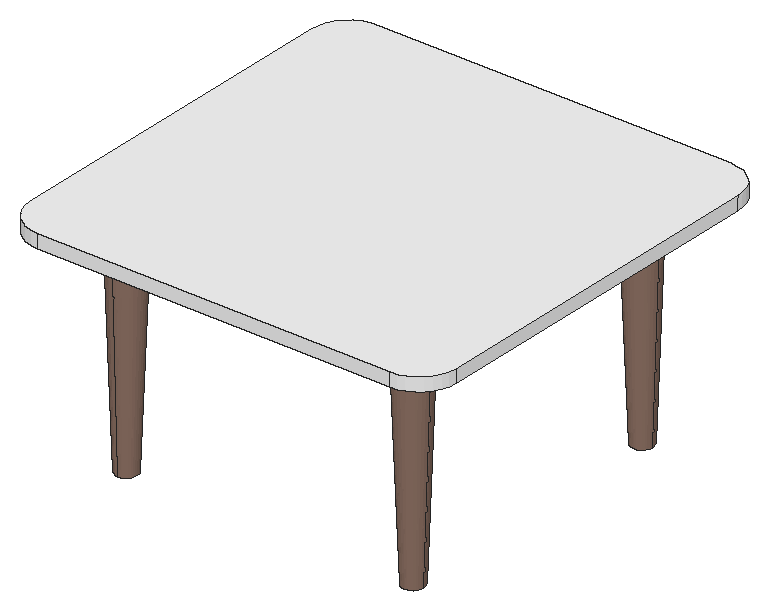
Revit family "Soft Square", category Furniture, Revit 2016
Family settings
  OmniClass Number = 23.40.20.00
  OmniClass Title = General Furniture and Specialties
  Work Plane-Based = No
  Always vertical = Yes
  Cut with Voids When Loaded = No
  Shared = No
  Room Calculation Point = No
Parameters (values of type "800 x 800 x 435")
  Width = 800 mm
  URL = "www.gof.co.uk"
  Type Comments = ""
  Range = "GALLEN"
  Product Code = "GAL088"
  Table Top = Gresham - White MFC
  Model = ""
  Manufacturer = "Gresham Office Furniture"  # constant formula
  Legs = Walnut
  Depth = 800 mm
  Assembly Code = "E2020200"
Types (2, lengths in mm): name | Width | Product Code | Depth
  800 x 800 x 435 | 800 | "GAL088" | 800
  600 x 600 x 435 | 600 | "GAL066" | 600
Reference planes
  plane 1 "Center (Front/Back)": y = 0
  plane 2: z = 0
  plane 3 "Center (Left/Right)": x = 0
  plane 4: x = -400
  plane 5: x = 400
  plane 6 "Table Underside": z = 410
  plane 7: y = 400
  plane 8: y = -400
Forms (mm)
  Extrusion 1, solid, material "Gresham - White MFC" <- "Table Top"
    sketch origin (0, 0, 410) x (-1, 0, 0) y (0, -1, 0)
      loop
        line (-330, -400) -> (330, -400)
        arc (330, -400) -> (379.497, -379.497) -> (400, -330) r 70
        line (400, -330) -> (400, 330)
        arc (400, 330) -> (379.497, 379.497) -> (330, 400) r 70
        line (330, 400) -> (-330, 400)
        arc (-330, 400) -> (-379.497, 379.497) -> (-400, 330) r 70
        line (-400, 330) -> (-400, -330)
        arc (-400, -330) -> (-379.497, -379.497) -> (-330, -400) r 70
    from 0 to 25
  Revolve 2, solid, material "Walnut" <- "Legs"
    sketch origin (-602.849, 268.787, 1.204) x (1, 0, 0) y (0, 0, -1)
      loop
        line (906.635, -408.796) -> (891.635, 1.204) -> (871.635, 1.204) -> (871.635, -408.796) -> (906.635, -408.796)
      axis (871.635, -408.796) -> (871.635, 1.204)
    angle from 0 to 360
  Revolve 3, solid, material "Walnut" <- "Legs"
    sketch origin (-602.849, -268.787, 1.204) x (1, 0, 0) y (0, 0, 1)
      loop
        line (906.635, 408.796) -> (871.635, 408.796) -> (871.635, -1.204) -> (891.635, -1.204) -> (906.635, 408.796)
      axis (871.635, 408.796) -> (871.635, -1.204)
    angle from 0 to 360
  Revolve 4, solid, material "Walnut" <- "Legs"
    sketch origin (602.849, 268.787, 1.204) x (-1, 0, 0) y (0, 0, 1)
      loop
        line (906.635, 408.796) -> (871.635, 408.796) -> (871.635, -1.204) -> (891.635, -1.204) -> (906.635, 408.796)
      axis (871.635, 408.796) -> (871.635, -1.204)
    angle from 0 to 360
  Revolve 5, solid, material "Walnut" <- "Legs"
    sketch origin (-268.787, 602.849, 1.204) x (0, -1, 0) y (0, 0, 1)
      loop
        line (906.635, 408.796) -> (871.635, 408.796) -> (871.635, -1.204) -> (891.635, -1.204) -> (906.635, 408.796)
      axis (871.635, 408.796) -> (871.635, -1.204)
    angle from 0 to 360
Dimensions and locks
  plane 6 "Table Underside" to plane 2 = 410 mm
  equal spacing: plane 4, plane 3 "Center (Left/Right)", plane 5
  "Width": plane 4 to plane 5
  equal spacing: plane 7, plane 1 "Center (Front/Back)", plane 8
  "Depth": plane 7 to plane 8
  Extrusion 1 to level = 435 mm
  locked: Extrusion 1 to Extrusion 1 at 25
  locked: Extrusion 1 to Revolve 2 at 166.213
  locked: Revolve 2 to Extrusion 1 at 166.213
  locked: Revolve 3 to Extrusion 1 at 166.213
  locked: Extrusion 1 to Revolve 3 at 166.213
  locked: Extrusion 1 to Revolve 4 at 166.213  (x2)
  locked: plane 4 to Revolve 5 at 151.213
  locked: Revolve 5 to plane 8 at 151.213
  radius of Extrusion 1 sketch curve = 70 mm  (x4)
  aligned and locked: level to plane 2
  aligned and locked: Extrusion 1 to plane 4  (x2)
  aligned and locked: Extrusion 1 to plane 8
  aligned and locked: Extrusion 1 to plane 5
  aligned and locked: plane 7 to Extrusion 1
  aligned and locked: Extrusion 1 sketch curve to plane 4
  aligned and locked: Extrusion 1 sketch curve to plane 8
  aligned and locked: Extrusion 1 sketch curve to plane 5
  aligned and locked: plane 7 to Extrusion 1 sketch curve
Automatic sketch dimensions
  Revolve 2 sketch curve to level = 0 mm
  Revolve 2 sketch curve to plane 6 "Table Underside" = 0 mm
  plane 5 to Revolve 2 sketch curve = 131.213 mm
  Revolve 2 sketch curve to Revolve 2 sketch curve = 20 mm
  Revolve 2 sketch curve to Revolve 2 sketch curve = 35 mm
  Revolve 2 sketch curve to Revolve 2 sketch curve = 0 mm
  Revolve 2 sketch curve to Revolve 2 sketch curve = 4.142 mm
  Revolve 2 sketch curve to Revolve 2 sketch curve = 10 mm
  Revolve 3 sketch curve to level = 0 mm
  Revolve 3 sketch curve to plane 6 "Table Underside" = 0 mm
  plane 5 to Revolve 3 sketch curve = 131.213 mm
  Revolve 3 sketch curve to Revolve 3 sketch curve = 20 mm
  Revolve 3 sketch curve to Revolve 3 sketch curve = 35 mm
  Revolve 3 sketch curve to Revolve 3 sketch curve = 0 mm
  Revolve 3 sketch curve to Revolve 3 sketch curve = 4.142 mm
  Revolve 3 sketch curve to Revolve 3 sketch curve = 10 mm
  Revolve 4 sketch curve to level = 0 mm
  Revolve 4 sketch curve to plane 6 "Table Underside" = 0 mm
  plane 4 to Revolve 4 sketch curve = 131.213 mm
  Revolve 4 sketch curve to Revolve 4 sketch curve = 20 mm
  Revolve 4 sketch curve to Revolve 4 sketch curve = 35 mm
  Revolve 4 sketch curve to Revolve 4 sketch curve = 0 mm
  Revolve 4 sketch curve to Revolve 4 sketch curve = 4.142 mm
  Revolve 4 sketch curve to Revolve 4 sketch curve = 10 mm
  Revolve 5 sketch curve to level = 0 mm
  Revolve 5 sketch curve to plane 6 "Table Underside" = 0 mm
  plane 8 to Revolve 5 sketch curve = 131.213 mm
  Revolve 5 sketch curve to Revolve 5 sketch curve = 20 mm
  Revolve 5 sketch curve to Revolve 5 sketch curve = 35 mm
  Revolve 5 sketch curve to Revolve 5 sketch curve = 0 mm
  Revolve 5 sketch curve to Revolve 5 sketch curve = 4.142 mm
  Revolve 5 sketch curve to Revolve 5 sketch curve = 10 mm
